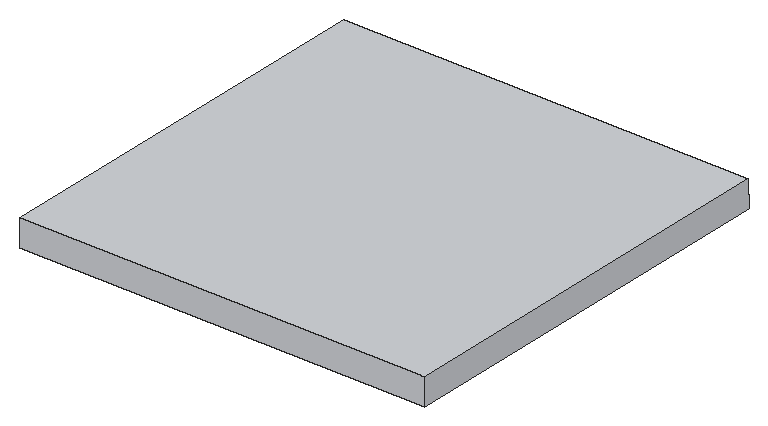
Revit family "1714_ TUPEX ELECTRIC_UQ", category Lighting Fixtures, host Face, Revit 2016
Family settings
  Host = Face
  Part Type = Normal
  Round Connector Dimension = Use Diameter
  Cut with Voids When Loaded = No
  Light Source = Yes
  Shared = No
  Room Calculation Point = Yes
Parameters
  width = 600 mm
  volt = 220 V
  length = 600 mm
  depth = 20 mm
  Wattage = 33 W
  built-in parameter 1150110 = 1 (stored number, unit not read)
  built-in parameter 1114217 = 1 (stored number, unit not read)
  Tilt Angle = 60.00°
  built-in parameter 1150109 = 1 (stored number, unit not read)
  built-in parameter 1150134 = 3
  built-in parameter 1150113 = 1 (stored number, unit not read)
  Photometric Web File = "1714.IES"
  built-in parameter 1150105 = 317.75 (stored number, unit not read)
  Lumens = 3993 lm
  built-in parameter 1150115 = 1 (stored number, unit not read)
  built-in parameter 1150137 = (empty or 0)
  built-in parameter 1150139 = (empty or 0)
  built-in parameter 1150112 = 1 (stored number, unit not read)
  built-in parameter 1150114 = 1 (stored number, unit not read)
  built-in parameter 1150132 = (empty or 0)
  built-in parameter 1150102 = (empty or 0)
  built-in parameter 1150107 = 3200 (stored number, unit not read)
  built-in parameter 1150138 = (empty or 0)
  built-in parameter 1150106 = 3.1775 (stored number, unit not read)
  built-in parameter 1150104 = 11.241 (stored number, unit not read)
  Dimming Lamp Color Temperature Shift = (empty or 0)
  Default Elevation = 1219.2 mm
  Color Filter = 16777215
  built-in parameter 1114218 = 1 (stored number, unit not read)
  built-in parameter 1150133 = 10 (stored number, unit not read)
Reference planes
  plane 1 "Center (Front/Back)": y = 0
  plane 2: z = 0
  plane 3 "Center (Left/Right)": x = 0
  plane 4: x = 600
  plane 5: y = -600
  plane 6: z = 20
  plane 7: z = -20
  plane 8: y = -300
  plane 9: x = 300
Forms (mm)
  Extrusion 1, solid
    sketch origin (0, 0, 0) x (1, 0, 0) y (0, 0, 1)
      loop
        line (600, 20) -> (0, 20) -> (0, -20) -> (600, -20) -> (600, 20)
    from 0 to 600
Dimensions and locks
  "width": plane 3 "Center (Left/Right)" to plane 4
  "length": plane 5 to plane 1 "Center (Front/Back)"
  "depth": level to plane 6
  plane 7 to level = 20 mm
  aligned and locked: plane 2 to host face
  aligned and locked: level to host face
Automatic sketch dimensions
  host sketch curve to host sketch curve = 2438.4 mm  (x2)
  Extrusion 1 sketch curve to plane 6 = 0 mm
  Extrusion 1 sketch curve to plane 7 = 0 mm
  Extrusion 1 sketch curve to plane 3 "Center (Left/Right)" = 0 mm
  Extrusion 1 sketch curve to plane 4 = 0 mm
Connectors
  electrical at (300, -300, 20), driven by "volt"
    settings: on Extrusion 1, index 1, voltage 220 V, apparent load 0 VA, apparent load phase1 36 VA, apparent load phase2 0 VA, apparent load phase3 0 VA, power factor 1, load classification "Lighting", number of poles 1, system type 31, power factor state 1, is connector primary yes, connector utility no, sub classification motor no, connector description ""
